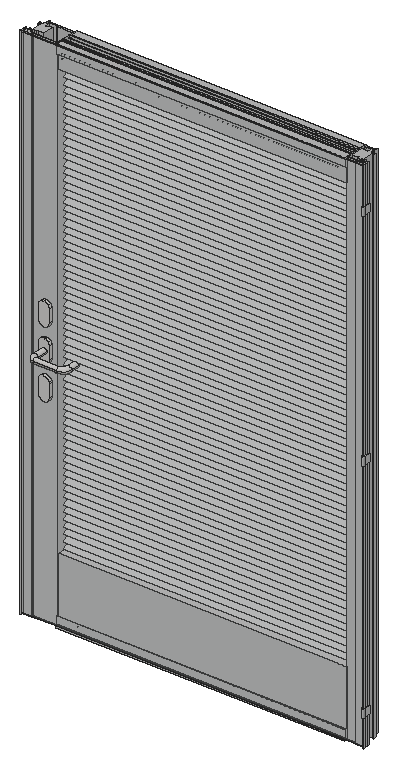
Revit family "Doors_Swing_Avanti_Systems_Movare-Swing-Door", category Doors, Revit 2015 (continued)
Automatic sketch dimensions
  curve 64 to curve 64 = 0' - 0.36"
  curve 72 to curve 71 = 0' - 0.36"
  curve 109 to curve 101 = 0' - 2.39236"
  curve 110 to curve 108 = 0' - 2.39236"
  curve 105 to curve 106 = 0' - 0"
  curve 100 to curve 88 = 0' - 4.72"
  curve 107 to curve 96 = 0' - 4.72"
  curve 93 to curve 94 = 0' - 0"
  curve 97 to curve 99 = 0' - 2.39236"
  curve 108 to curve 96 = 0' - 0"
  curve 107 to curve 107 = 0' - 3.54478"
  curve 95 to curve 95 = 0' - 3.54478"
  curve 94 to curve 92 = 0' - 1.5278"
  curve 106 to curve 105 = 0' - 1.5278"
  curve 104 to curve 110 = 0' - 1.37943"
  curve 92 to curve 98 = 0' - 1.37943"
  curve 110 to curve 111 = 0' - 0.3937"
  curve 98 to curve 99 = 0' - 0.3937"
  curve 109 to curve 103 = 0' - 1.37795"
  curve 97 to curve 91 = 0' - 1.37795"
  curve 103 to curve 101 = 0' - 1.51919"
  curve 91 to curve 90 = 0' - 1.51919"
  curve 89 to curve 89 = 0' - 3.54478"
  curve 101 to curve 101 = 0' - 3.54478"
  curve 103 to curve 103 = 0' - 0.36"
  curve 104 to curve 105 = 0' - 0.36"
  curve 107 to curve 108 = 0' - 0.36"
  curve 106 to curve 106 = 0' - 0.36"
  curve 101 to curve 102 = 0' - 0.36"
  curve 100 to curve 100 = 0' - 0.36"
  curve 94 to curve 94 = 0' - 0.36"
  curve 90 to curve 89 = 0' - 0.36"
  curve 91 to curve 91 = 0' - 0.36"
  curve 93 to curve 92 = 0' - 0.36"
  curve 88 to curve 88 = 0' - 0.36"
  curve 96 to curve 95 = 0' - 0.36"
  curve 113 to plane 10 "Glass Interior" = 0' - 0"
  curve 112 to plane 9 "Glass Exterior" = 0' - 0"
  plane 10 "Glass Interior" to curve 115 = 0' - 0 1/4"
  curve 114 to plane 9 "Glass Exterior" = 0' - 0 1/4"
  plane 15 to Sweep 8 sketch curve = 0' - 1.42332"
  level to Sweep 3 sketch curve = 0' - 0.82592"
  Sweep 10 sketch curve to Sweep 10 sketch curve = 0' - 0.27934"
  plane 10 "Glass Interior" to Sweep 10 sketch curve = 0' - 1.19178"
  Sweep 6 sketch curve to Sweep 6 sketch curve = 0' - 0.27934"
  plane 10 "Glass Interior" to Sweep 7 sketch curve = 0' - 1.19178"
  Sweep 4 sketch curve to Sweep 4 sketch curve = 0' - 0.24442"
  Sweep 3 sketch curve to Sweep 3 sketch curve = 0' - 0.14277"
  Sweep 3 sketch curve to Sweep 3 sketch curve = 0' - 0.24442"
  curve 60 to plane 9 "Glass Exterior" = 0' - 0"
Nested families (in)
  nested 1: "Blinds" at (1.22286, 0.72805, 43.67144) x (1, 0, 0) z (0, -1, 0), visible <- "Blinds", type "Blinds"
  nested 2: "Handle" at (-22.12038, 2.00202, 38), type "Handle", detail levels medium+fine
    with Locker yes
  nested 3: "Handle" at (-22.12038, -1.99798, 38), type "Handle", detail levels medium+fine
    with Locker yes
  nested 4: "Handle" at (-22.12038, 2.00202, 38), type "Handle", not visible, detail levels medium+fine
    with Locker yes
  nested 5: "Handle" at (-22.12038, -1.99798, 38), type "Handle", not visible, detail levels medium+fine
    with Locker yes
  nested 6: "Hinge" at (26.04191, -1.22889, 5.78643), type "Hinge"
  nested 7: "Hinge" at (26.24132, -1.22889, 40) x (-1, 0, 0) z (0, 0, 1), type "Hinge"
  nested 8: "Hinge" at (26.04191, -1.22889, 73.89313), type "Hinge"
  nested 9: "Connection with panel detail" at (23.14391, 1.75202, 0), type "Connection with panel detail"
  nested 10: "Closing frame detail" at (-20.69706, -1.97942, 0) x (-1, 0, 0) z (0, 0, 1), type "Closing frame detail"
  nested 11: "Top detail" at (0, 0.00202, 80) x (0, -1, 0) z (1, 0, 0), type "Top detail"
  nested 12: "Bottom detail" at (0, 0.00202, 0) x (0, 1, 0) z (1, 0, 0), type "Bottom detail"
  nested 13: "Head/bottom" at (0, 0.01187, 3.33998) x (0, -1, 0) z (1, 0, 0), visible <- "Non Flush Seal", type "Head/bottom"
  nested 14: "Head/bottom" at (0, 0.01187, 77.48594) x (0, -1, 0) z (1, 0, 0), visible <- "Non Flush Seal", type "Head/bottom"
  nested 15: "Head/bottom extented" at (0, 0.00202, 3.33998) x (0, -1, 0) z (1, 0, 0), visible <- "Flush Seal", type "Head/bottom extented"
  nested 16: "Head/bottom extented" at (0, 0.00202, 77.48594) x (0, -1, 0) z (1, 0, 0), visible <- "Flush Seal", type "Head/bottom extented"
  nested 17: "Arrow" at (0, 0.00202, 46.92019) x (1, 0, 0) z (0, 1, 0), type "Arrow"
  nested 18: "Arrow" at (0, 5.00202, 0), type "Arrow"
Definition of nested family "Blinds"
  Parameters (values of type "Blinds")
    Width = 3' - 7 215/256"
    Height = 5' - 5 17/32"
    Default Elevation = 4' - 0"
    Blinds material = none
  Reference planes (in)
    plane 1 "Center (Front/Back)": y = 0
    plane 2: z = 0
    plane 3 "Center (Left/Right)": x = 0
    plane 4: y = 32.76563
    plane 5: y = -32.76562
  Forms (in)
    Sweep 1, solid, material <- "Blinds material"
      path origin (0, 17.04325, 0) x (1, 0, 0) y (0, 1, 0)
        loop
          line (-21.91992, 15.72238) -> (21.91992, 15.72238)
      profile origin (0, 32.76563, 0) x (0, 1, 0) y (0, 0, 1)
        loop
          line (-0.53392, 1.375) -> (0, 0)
          arc (0, 0) -> (-0.1282, 0.74138) -> (-0.53392, 1.375) r 1.90149
    Sweep 2, solid, material <- "Blinds material"
      path origin (0, 16.04329, 0) x (1, 0, 0) y (0, 1, 0)
        loop
          line (-21.91992, 15.72238) -> (21.91992, 15.72238)
      profile origin (0, 31.76567, 0) x (0, 1, 0) y (0, 0, 1)
        loop
          line (-0.53392, 1.375) -> (0, 0)
          arc (0, 0) -> (-0.1282, 0.74138) -> (-0.53392, 1.375) r 1.90149
    Sweep 3, solid, material <- "Blinds material"
      path origin (0, 15.04333, 0) x (1, 0, 0) y (0, 1, 0)
        loop
          line (-21.91992, 15.72238) -> (21.91992, 15.72238)
      profile origin (0, 30.76571, 0) x (0, 1, 0) y (0, 0, 1)
        loop
          line (-0.53392, 1.375) -> (0, 0)
          arc (0, 0) -> (-0.1282, 0.74138) -> (-0.53392, 1.375) r 1.90149
    Sweep 4, solid, material <- "Blinds material"
      path origin (0, 14.04337, 0) x (1, 0, 0) y (0, 1, 0)
        loop
          line (-21.91992, 15.72238) -> (21.91992, 15.72238)
      profile origin (0, 29.76575, 0) x (0, 1, 0) y (0, 0, 1)
        loop
          line (-0.53392, 1.375) -> (0, 0)
          arc (0, 0) -> (-0.1282, 0.74138) -> (-0.53392, 1.375) r 1.90149
    Sweep 5, solid, material <- "Blinds material"
      path origin (0, 13.04341, 0) x (1, 0, 0) y (0, 1, 0)
        loop
          line (-21.91992, 15.72238) -> (21.91992, 15.72238)
      profile origin (0, 28.76579, 0) x (0, 1, 0) y (0, 0, 1)
        loop
          line (-0.53392, 1.375) -> (0, 0)
          arc (0, 0) -> (-0.1282, 0.74138) -> (-0.53392, 1.375) r 1.90149
    Sweep 6, solid, material <- "Blinds material"
      path origin (0, 12.04345, 0) x (1, 0, 0) y (0, 1, 0)
        loop
          line (-21.91992, 15.72238) -> (21.91992, 15.72238)
      profile origin (0, 27.76583, 0) x (0, 1, 0) y (0, 0, 1)
        loop
          line (-0.53392, 1.375) -> (0, 0)
          arc (0, 0) -> (-0.1282, 0.74138) -> (-0.53392, 1.375) r 1.90149
    Sweep 7, solid, material <- "Blinds material"
      path origin (0, 11.04349, 0) x (1, 0, 0) y (0, 1, 0)
        loop
          line (-21.91992, 15.72238) -> (21.91992, 15.72238)
      profile origin (0, 26.76587, 0) x (0, 1, 0) y (0, 0, 1)
        loop
          line (-0.53392, 1.375) -> (0, 0)
          arc (0, 0) -> (-0.1282, 0.74138) -> (-0.53392, 1.375) r 1.90149
    Sweep 8, solid, material <- "Blinds material"
      path origin (0, 10.04354, 0) x (1, 0, 0) y (0, 1, 0)
        loop
          line (-21.91992, 15.72238) -> (21.91992, 15.72238)
      profile origin (0, 25.76591, 0) x (0, 1, 0) y (0, 0, 1)
        loop
          line (-0.53392, 1.375) -> (0, 0)
          arc (0, 0) -> (-0.1282, 0.74138) -> (-0.53392, 1.375) r 1.90149
    Sweep 9, solid, material <- "Blinds material"
      path origin (0, 9.04358, 0) x (1, 0, 0) y (0, 1, 0)
        loop
          line (-21.91992, 15.72238) -> (21.91992, 15.72238)
      profile origin (0, 24.76595, 0) x (0, 1, 0) y (0, 0, 1)
        loop
          line (-0.53392, 1.375) -> (0, 0)
          arc (0, 0) -> (-0.1282, 0.74138) -> (-0.53392, 1.375) r 1.90149
    Sweep 10, solid, material <- "Blinds material"
      path origin (0, 8.04362, 0) x (1, 0, 0) y (0, 1, 0)
        loop
          line (-21.91992, 15.72238) -> (21.91992, 15.72238)
      profile origin (0, 23.76599, 0) x (0, 1, 0) y (0, 0, 1)
        loop
          line (-0.53392, 1.375) -> (0, 0)
          arc (0, 0) -> (-0.1282, 0.74138) -> (-0.53392, 1.375) r 1.90149
    Sweep 11, solid, material <- "Blinds material"
      path origin (0, 7.04366, 0) x (1, 0, 0) y (0, 1, 0)
        loop
          line (-21.91992, 15.72238) -> (21.91992, 15.72238)
      profile origin (0, 22.76604, 0) x (0, 1, 0) y (0, 0, 1)
        loop
          line (-0.53392, 1.375) -> (0, 0)
          arc (0, 0) -> (-0.1282, 0.74138) -> (-0.53392, 1.375) r 1.90149
    Sweep 12, solid, material <- "Blinds material"
      path origin (0, 6.0437, 0) x (1, 0, 0) y (0, 1, 0)
        loop
          line (-21.91992, 15.72238) -> (21.91992, 15.72238)
      profile origin (0, 21.76608, 0) x (0, 1, 0) y (0, 0, 1)
        loop
          line (-0.53392, 1.375) -> (0, 0)
          arc (0, 0) -> (-0.1282, 0.74138) -> (-0.53392, 1.375) r 1.90149
    Sweep 13, solid, material <- "Blinds material"
      path origin (0, 5.04374, 0) x (1, 0, 0) y (0, 1, 0)
        loop
          line (-21.91992, 15.72238) -> (21.91992, 15.72238)
      profile origin (0, 20.76612, 0) x (0, 1, 0) y (0, 0, 1)
        loop
          line (-0.53392, 1.375) -> (0, 0)
          arc (0, 0) -> (-0.1282, 0.74138) -> (-0.53392, 1.375) r 1.90149
    Sweep 14, solid, material <- "Blinds material"
      path origin (0, 4.04378, 0) x (1, 0, 0) y (0, 1, 0)
        loop
          line (-21.91992, 15.72238) -> (21.91992, 15.72238)
      profile origin (0, 19.76616, 0) x (0, 1, 0) y (0, 0, 1)
        loop
          line (-0.53392, 1.375) -> (0, 0)
          arc (0, 0) -> (-0.1282, 0.74138) -> (-0.53392, 1.375) r 1.90149
    Sweep 15, solid, material <- "Blinds material"
      path origin (0, 3.04382, 0) x (1, 0, 0) y (0, 1, 0)
        loop
          line (-21.91992, 15.72238) -> (21.91992, 15.72238)
      profile origin (0, 18.7662, 0) x (0, 1, 0) y (0, 0, 1)
        loop
          line (-0.53392, 1.375) -> (0, 0)
          arc (0, 0) -> (-0.1282, 0.74138) -> (-0.53392, 1.375) r 1.90149
    Sweep 16, solid, material <- "Blinds material"
      path origin (0, 2.04386, 0) x (1, 0, 0) y (0, 1, 0)
        loop
          line (-21.91992, 15.72238) -> (21.91992, 15.72238)
      profile origin (0, 17.76624, 0) x (0, 1, 0) y (0, 0, 1)
        loop
          line (-0.53392, 1.375) -> (0, 0)
          arc (0, 0) -> (-0.1282, 0.74138) -> (-0.53392, 1.375) r 1.90149
    Sweep 17, solid, material <- "Blinds material"
      path origin (0, 1.0439, 0) x (1, 0, 0) y (0, 1, 0)
        loop
          line (-21.91992, 15.72238) -> (21.91992, 15.72238)
      profile origin (0, 16.76628, 0) x (0, 1, 0) y (0, 0, 1)
        loop
          line (-0.53392, 1.375) -> (0, 0)
          arc (0, 0) -> (-0.1282, 0.74138) -> (-0.53392, 1.375) r 1.90149
    Sweep 18, solid, material <- "Blinds material"
      path origin (0, 0.04395, 0) x (1, 0, 0) y (0, 1, 0)
        loop
          line (-21.91992, 15.72238) -> (21.91992, 15.72238)
      profile origin (0, 15.76632, 0) x (0, 1, 0) y (0, 0, 1)
        loop
          line (-0.53392, 1.375) -> (0, 0)
          arc (0, 0) -> (-0.1282, 0.74138) -> (-0.53392, 1.375) r 1.90149
    Sweep 19, solid, material <- "Blinds material"
      path origin (0, -0.95601, 0) x (1, 0, 0) y (0, 1, 0)
        loop
          line (-21.91992, 15.72238) -> (21.91992, 15.72238)
      profile origin (0, 14.76636, 0) x (0, 1, 0) y (0, 0, 1)
        loop
          line (-0.53392, 1.375) -> (0, 0)
          arc (0, 0) -> (-0.1282, 0.74138) -> (-0.53392, 1.375) r 1.90149
    Sweep 20, solid, material <- "Blinds material"
      path origin (0, -1.95597, 0) x (1, 0, 0) y (0, 1, 0)
        loop
          line (-21.91992, 15.72238) -> (21.91992, 15.72238)
      profile origin (0, 13.7664, 0) x (0, 1, 0) y (0, 0, 1)
        loop
          line (-0.53392, 1.375) -> (0, 0)
          arc (0, 0) -> (-0.1282, 0.74138) -> (-0.53392, 1.375) r 1.90149
    Sweep 21, solid, material <- "Blinds material"
      path origin (0, -2.95593, 0) x (1, 0, 0) y (0, 1, 0)
        loop
          line (-21.91992, 15.72238) -> (21.91992, 15.72238)
      profile origin (0, 12.76645, 0) x (0, 1, 0) y (0, 0, 1)
        loop
          line (-0.53392, 1.375) -> (0, 0)
          arc (0, 0) -> (-0.1282, 0.74138) -> (-0.53392, 1.375) r 1.90149
    Sweep 22, solid, material <- "Blinds material"
      path origin (0, -3.95589, 0) x (1, 0, 0) y (0, 1, 0)
        loop
          line (-21.91992, 15.72238) -> (21.91992, 15.72238)
      profile origin (0, 11.76649, 0) x (0, 1, 0) y (0, 0, 1)
        loop
          line (-0.53392, 1.375) -> (0, 0)
          arc (0, 0) -> (-0.1282, 0.74138) -> (-0.53392, 1.375) r 1.90149
    Sweep 23, solid, material <- "Blinds material"
      path origin (0, -4.95585, 0) x (1, 0, 0) y (0, 1, 0)
        loop
          line (-21.91992, 15.72238) -> (21.91992, 15.72238)
      profile origin (0, 10.76653, 0) x (0, 1, 0) y (0, 0, 1)
        loop
          line (-0.53392, 1.375) -> (0, 0)
          arc (0, 0) -> (-0.1282, 0.74138) -> (-0.53392, 1.375) r 1.90149
    Sweep 24, solid, material <- "Blinds material"
      path origin (0, -5.95581, 0) x (1, 0, 0) y (0, 1, 0)
        loop
          line (-21.91992, 15.72238) -> (21.91992, 15.72238)
      profile origin (0, 9.76657, 0) x (0, 1, 0) y (0, 0, 1)
        loop
          line (-0.53392, 1.375) -> (0, 0)
          arc (0, 0) -> (-0.1282, 0.74138) -> (-0.53392, 1.375) r 1.90149
    Sweep 25, solid, material <- "Blinds material"
      path origin (0, -6.95577, 0) x (1, 0, 0) y (0, 1, 0)
        loop
          line (-21.91992, 15.72238) -> (21.91992, 15.72238)
      profile origin (0, 8.76661, 0) x (0, 1, 0) y (0, 0, 1)
        loop
          line (-0.53392, 1.375) -> (0, 0)
          arc (0, 0) -> (-0.1282, 0.74138) -> (-0.53392, 1.375) r 1.90149
    Sweep 26, solid, material <- "Blinds material"
      path origin (0, -7.95573, 0) x (1, 0, 0) y (0, 1, 0)
        loop
          line (-21.91992, 15.72238) -> (21.91992, 15.72238)
      profile origin (0, 7.76665, 0) x (0, 1, 0) y (0, 0, 1)
        loop
          line (-0.53392, 1.375) -> (0, 0)
          arc (0, 0) -> (-0.1282, 0.74138) -> (-0.53392, 1.375) r 1.90149
    Sweep 27, solid, material <- "Blinds material"
      path origin (0, -8.95568, 0) x (1, 0, 0) y (0, 1, 0)
        loop
          line (-21.91992, 15.72238) -> (21.91992, 15.72238)
      profile origin (0, 6.76669, 0) x (0, 1, 0) y (0, 0, 1)
        loop
          line (-0.53392, 1.375) -> (0, 0)
          arc (0, 0) -> (-0.1282, 0.74138) -> (-0.53392, 1.375) r 1.90149
    Sweep 28, solid, material <- "Blinds material"
      path origin (0, -9.95564, 0) x (1, 0, 0) y (0, 1, 0)
        loop
          line (-21.91992, 15.72238) -> (21.91992, 15.72238)
      profile origin (0, 5.76673, 0) x (0, 1, 0) y (0, 0, 1)
        loop
          line (-0.53392, 1.375) -> (0, 0)
          arc (0, 0) -> (-0.1282, 0.74138) -> (-0.53392, 1.375) r 1.90149
    Sweep 29, solid, material <- "Blinds material"
      path origin (0, -10.9556, 0) x (1, 0, 0) y (0, 1, 0)
        loop
          line (-21.91992, 15.72238) -> (21.91992, 15.72238)
      profile origin (0, 4.76677, 0) x (0, 1, 0) y (0, 0, 1)
        loop
          line (-0.53392, 1.375) -> (0, 0)
          arc (0, 0) -> (-0.1282, 0.74138) -> (-0.53392, 1.375) r 1.90149
    Sweep 30, solid, material <- "Blinds material"
      path origin (0, -11.95556, 0) x (1, 0, 0) y (0, 1, 0)
        loop
          line (-21.91992, 15.72238) -> (21.91992, 15.72238)
      profile origin (0, 3.76682, 0) x (0, 1, 0) y (0, 0, 1)
        loop
          line (-0.53392, 1.375) -> (0, 0)
          arc (0, 0) -> (-0.1282, 0.74138) -> (-0.53392, 1.375) r 1.90149
    Sweep 31, solid, material <- "Blinds material"
      path origin (0, -12.95552, 0) x (1, 0, 0) y (0, 1, 0)
        loop
          line (-21.91992, 15.72238) -> (21.91992, 15.72238)
      profile origin (0, 2.76686, 0) x (0, 1, 0) y (0, 0, 1)
        loop
          line (-0.53392, 1.375) -> (0, 0)
          arc (0, 0) -> (-0.1282, 0.74138) -> (-0.53392, 1.375) r 1.90149
    Sweep 32, solid, material <- "Blinds material"
      path origin (0, -13.95548, 0) x (1, 0, 0) y (0, 1, 0)
        loop
          line (-21.91992, 15.72238) -> (21.91992, 15.72238)
      profile origin (0, 1.7669, 0) x (0, 1, 0) y (0, 0, 1)
        loop
          line (-0.53392, 1.375) -> (0, 0)
          arc (0, 0) -> (-0.1282, 0.74138) -> (-0.53392, 1.375) r 1.90149
    Sweep 33, solid, material <- "Blinds material"
      path origin (0, -14.95544, 0) x (1, 0, 0) y (0, 1, 0)
        loop
          line (-21.91992, 15.72238) -> (21.91992, 15.72238)
      profile origin (0, 0.76694, 0) x (0, 1, 0) y (0, 0, 1)
        loop
          line (-0.53392, 1.375) -> (0, 0)
          arc (0, 0) -> (-0.1282, 0.74138) -> (-0.53392, 1.375) r 1.90149
    Sweep 34, solid, material <- "Blinds material"
      path origin (0, -15.9554, 0) x (1, 0, 0) y (0, 1, 0)
        loop
          line (-21.91992, 15.72238) -> (21.91992, 15.72238)
      profile origin (0, -0.23302, 0) x (0, 1, 0) y (0, 0, 1)
        loop
          line (-0.53392, 1.375) -> (0, 0)
          arc (0, 0) -> (-0.1282, 0.74138) -> (-0.53392, 1.375) r 1.90149
    Sweep 35, solid, material <- "Blinds material"
      path origin (0, -16.95536, 0) x (1, 0, 0) y (0, 1, 0)
        loop
          line (-21.91992, 15.72238) -> (21.91992, 15.72238)
      profile origin (0, -1.23298, 0) x (0, 1, 0) y (0, 0, 1)
        loop
          line (-0.53392, 1.375) -> (0, 0)
          arc (0, 0) -> (-0.1282, 0.74138) -> (-0.53392, 1.375) r 1.90149
    Sweep 36, solid, material <- "Blinds material"
      path origin (0, -17.95532, 0) x (1, 0, 0) y (0, 1, 0)
        loop
          line (-21.91992, 15.72238) -> (21.91992, 15.72238)
      profile origin (0, -2.23294, 0) x (0, 1, 0) y (0, 0, 1)
        loop
          line (-0.53392, 1.375) -> (0, 0)
          arc (0, 0) -> (-0.1282, 0.74138) -> (-0.53392, 1.375) r 1.90149
    Sweep 37, solid, material <- "Blinds material"
      path origin (0, -18.95527, 0) x (1, 0, 0) y (0, 1, 0)
        loop
          line (-21.91992, 15.72238) -> (21.91992, 15.72238)
      profile origin (0, -3.2329, 0) x (0, 1, 0) y (0, 0, 1)
        loop
          line (-0.53392, 1.375) -> (0, 0)
          arc (0, 0) -> (-0.1282, 0.74138) -> (-0.53392, 1.375) r 1.90149
    Sweep 38, solid, material <- "Blinds material"
      path origin (0, -19.95523, 0) x (1, 0, 0) y (0, 1, 0)
        loop
          line (-21.91992, 15.72238) -> (21.91992, 15.72238)
      profile origin (0, -4.23286, 0) x (0, 1, 0) y (0, 0, 1)
        loop
          line (-0.53392, 1.375) -> (0, 0)
          arc (0, 0) -> (-0.1282, 0.74138) -> (-0.53392, 1.375) r 1.90149
    Sweep 39, solid, material <- "Blinds material"
      path origin (0, -20.95519, 0) x (1, 0, 0) y (0, 1, 0)
        loop
          line (-21.91992, 15.72238) -> (21.91992, 15.72238)
      profile origin (0, -5.23282, 0) x (0, 1, 0) y (0, 0, 1)
        loop
          line (-0.53392, 1.375) -> (0, 0)
          arc (0, 0) -> (-0.1282, 0.74138) -> (-0.53392, 1.375) r 1.90149
    Sweep 40, solid, material <- "Blinds material"
      path origin (0, -21.95515, 0) x (1, 0, 0) y (0, 1, 0)
        loop
          line (-21.91992, 15.72238) -> (21.91992, 15.72238)
      profile origin (0, -6.23277, 0) x (0, 1, 0) y (0, 0, 1)
        loop
          line (-0.53392, 1.375) -> (0, 0)
          arc (0, 0) -> (-0.1282, 0.74138) -> (-0.53392, 1.375) r 1.90149
    Sweep 41, solid, material <- "Blinds material"
      path origin (0, -22.95511, 0) x (1, 0, 0) y (0, 1, 0)
        loop
          line (-21.91992, 15.72238) -> (21.91992, 15.72238)
      profile origin (0, -7.23273, 0) x (0, 1, 0) y (0, 0, 1)
        loop
          line (-0.53392, 1.375) -> (0, 0)
          arc (0, 0) -> (-0.1282, 0.74138) -> (-0.53392, 1.375) r 1.90149
    Sweep 42, solid, material <- "Blinds material"
      path origin (0, -23.95507, 0) x (1, 0, 0) y (0, 1, 0)
        loop
          line (-21.91992, 15.72238) -> (21.91992, 15.72238)
      profile origin (0, -8.23269, 0) x (0, 1, 0) y (0, 0, 1)
        loop
          line (-0.53392, 1.375) -> (0, 0)
          arc (0, 0) -> (-0.1282, 0.74138) -> (-0.53392, 1.375) r 1.90149
    Sweep 43, solid, material <- "Blinds material"
      path origin (0, -24.95503, 0) x (1, 0, 0) y (0, 1, 0)
        loop
          line (-21.91992, 15.72238) -> (21.91992, 15.72238)
      profile origin (0, -9.23265, 0) x (0, 1, 0) y (0, 0, 1)
        loop
          line (-0.53392, 1.375) -> (0, 0)
          arc (0, 0) -> (-0.1282, 0.74138) -> (-0.53392, 1.375) r 1.90149
    Sweep 44, solid, material <- "Blinds material"
      path origin (0, -25.95499, 0) x (1, 0, 0) y (0, 1, 0)
        loop
          line (-21.91992, 15.72238) -> (21.91992, 15.72238)
      profile origin (0, -10.23261, 0) x (0, 1, 0) y (0, 0, 1)
        loop
          line (-0.53392, 1.375) -> (0, 0)
          arc (0, 0) -> (-0.1282, 0.74138) -> (-0.53392, 1.375) r 1.90149
    Sweep 45, solid, material <- "Blinds material"
      path origin (0, -26.95495, 0) x (1, 0, 0) y (0, 1, 0)
        loop
          line (-21.91992, 15.72238) -> (21.91992, 15.72238)
      profile origin (0, -11.23257, 0) x (0, 1, 0) y (0, 0, 1)
        loop
          line (-0.53392, 1.375) -> (0, 0)
          arc (0, 0) -> (-0.1282, 0.74138) -> (-0.53392, 1.375) r 1.90149
    Sweep 46, solid, material <- "Blinds material"
      path origin (0, -27.9549, 0) x (1, 0, 0) y (0, 1, 0)
        loop
          line (-21.91992, 15.72238) -> (21.91992, 15.72238)
      profile origin (0, -12.23253, 0) x (0, 1, 0) y (0, 0, 1)
        loop
          line (-0.53392, 1.375) -> (0, 0)
          arc (0, 0) -> (-0.1282, 0.74138) -> (-0.53392, 1.375) r 1.90149
    Sweep 47, solid, material <- "Blinds material"
      path origin (0, -28.95486, 0) x (1, 0, 0) y (0, 1, 0)
        loop
          line (-21.91992, 15.72238) -> (21.91992, 15.72238)
      profile origin (0, -13.23249, 0) x (0, 1, 0) y (0, 0, 1)
        loop
          line (-0.53392, 1.375) -> (0, 0)
          arc (0, 0) -> (-0.1282, 0.74138) -> (-0.53392, 1.375) r 1.90149
    Sweep 48, solid, material <- "Blinds material"
      path origin (0, -29.95482, 0) x (1, 0, 0) y (0, 1, 0)
        loop
          line (-21.91992, 15.72238) -> (21.91992, 15.72238)
      profile origin (0, -14.23245, 0) x (0, 1, 0) y (0, 0, 1)
        loop
          line (-0.53392, 1.375) -> (0, 0)
          arc (0, 0) -> (-0.1282, 0.74138) -> (-0.53392, 1.375) r 1.90149
    Sweep 49, solid, material <- "Blinds material"
      path origin (0, -30.95478, 0) x (1, 0, 0) y (0, 1, 0)
        loop
          line (-21.91992, 15.72238) -> (21.91992, 15.72238)
      profile origin (0, -15.2324, 0) x (0, 1, 0) y (0, 0, 1)
        loop
          line (-0.53392, 1.375) -> (0, 0)
          arc (0, 0) -> (-0.1282, 0.74138) -> (-0.53392, 1.375) r 1.90149
    Sweep 50, solid, material <- "Blinds material"
      path origin (0, -31.95474, 0) x (1, 0, 0) y (0, 1, 0)
        loop
          line (-21.91992, 15.72238) -> (21.91992, 15.72238)
      profile origin (0, -16.23236, 0) x (0, 1, 0) y (0, 0, 1)
        loop
          line (-0.53392, 1.375) -> (0, 0)
          arc (0, 0) -> (-0.1282, 0.74138) -> (-0.53392, 1.375) r 1.90149
    Sweep 51, solid, material <- "Blinds material"
      path origin (0, -32.9547, 0) x (1, 0, 0) y (0, 1, 0)
        loop
          line (-21.91992, 15.72238) -> (21.91992, 15.72238)
      profile origin (0, -17.23232, 0) x (0, 1, 0) y (0, 0, 1)
        loop
          line (-0.53392, 1.375) -> (0, 0)
          arc (0, 0) -> (-0.1282, 0.74138) -> (-0.53392, 1.375) r 1.90149
    Sweep 52, solid, material <- "Blinds material"
      path origin (0, -33.95466, 0) x (1, 0, 0) y (0, 1, 0)
        loop
          line (-21.91992, 15.72238) -> (21.91992, 15.72238)
      profile origin (0, -18.23228, 0) x (0, 1, 0) y (0, 0, 1)
        loop
          line (-0.53392, 1.375) -> (0, 0)
          arc (0, 0) -> (-0.1282, 0.74138) -> (-0.53392, 1.375) r 1.90149
    Sweep 53, solid, material <- "Blinds material"
      path origin (0, -34.95462, 0) x (1, 0, 0) y (0, 1, 0)
        loop
          line (-21.91992, 15.72238) -> (21.91992, 15.72238)
      profile origin (0, -19.23224, 0) x (0, 1, 0) y (0, 0, 1)
        loop
          line (-0.53392, 1.375) -> (0, 0)
          arc (0, 0) -> (-0.1282, 0.74138) -> (-0.53392, 1.375) r 1.90149
    Sweep 54, solid, material <- "Blinds material"
      path origin (0, -35.95458, 0) x (1, 0, 0) y (0, 1, 0)
        loop
          line (-21.91992, 15.72238) -> (21.91992, 15.72238)
      profile origin (0, -20.2322, 0) x (0, 1, 0) y (0, 0, 1)
        loop
          line (-0.53392, 1.375) -> (0, 0)
          arc (0, 0) -> (-0.1282, 0.74138) -> (-0.53392, 1.375) r 1.90149
    Sweep 55, solid, material <- "Blinds material"
      path origin (0, -36.95454, 0) x (1, 0, 0) y (0, 1, 0)
        loop
          line (-21.91992, 15.72238) -> (21.91992, 15.72238)
      profile origin (0, -21.23216, 0) x (0, 1, 0) y (0, 0, 1)
        loop
          line (-0.53392, 1.375) -> (0, 0)
          arc (0, 0) -> (-0.1282, 0.74138) -> (-0.53392, 1.375) r 1.90149
    Sweep 56, solid, material <- "Blinds material"
      path origin (0, -37.95449, 0) x (1, 0, 0) y (0, 1, 0)
        loop
          line (-21.91992, 15.72238) -> (21.91992, 15.72238)
      profile origin (0, -22.23212, 0) x (0, 1, 0) y (0, 0, 1)
        loop
          line (-0.53392, 1.375) -> (0, 0)
          arc (0, 0) -> (-0.1282, 0.74138) -> (-0.53392, 1.375) r 1.90149
    Sweep 57, solid, material <- "Blinds material"
      path origin (0, -38.95445, 0) x (1, 0, 0) y (0, 1, 0)
        loop
          line (-21.91992, 15.72238) -> (21.91992, 15.72238)
      profile origin (0, -23.23208, 0) x (0, 1, 0) y (0, 0, 1)
        loop
          line (-0.53392, 1.375) -> (0, 0)
          arc (0, 0) -> (-0.1282, 0.74138) -> (-0.53392, 1.375) r 1.90149
    Sweep 58, solid, material <- "Blinds material"
      path origin (0, -39.95441, 0) x (1, 0, 0) y (0, 1, 0)
        loop
          line (-21.91992, 15.72238) -> (21.91992, 15.72238)
      profile origin (0, -24.23204, 0) x (0, 1, 0) y (0, 0, 1)
        loop
          line (-0.53392, 1.375) -> (0, 0)
          arc (0, 0) -> (-0.1282, 0.74138) -> (-0.53392, 1.375) r 1.90149
    Sweep 59, solid, material <- "Blinds material"
      path origin (0, -40.95437, 0) x (1, 0, 0) y (0, 1, 0)
        loop
          line (-21.91992, 15.72238) -> (21.91992, 15.72238)
      profile origin (0, -25.23199, 0) x (0, 1, 0) y (0, 0, 1)
        loop
          line (-0.53392, 1.375) -> (0, 0)
          arc (0, 0) -> (-0.1282, 0.74138) -> (-0.53392, 1.375) r 1.90149
    Sweep 60, solid, material <- "Blinds material"
      path origin (0, -41.95433, 0) x (1, 0, 0) y (0, 1, 0)
        loop
          line (-21.91992, 15.72238) -> (21.91992, 15.72238)
      profile origin (0, -26.23195, 0) x (0, 1, 0) y (0, 0, 1)
        loop
          line (-0.53392, 1.375) -> (0, 0)
          arc (0, 0) -> (-0.1282, 0.74138) -> (-0.53392, 1.375) r 1.90149
    Sweep 61, solid, material <- "Blinds material"
      path origin (0, -42.95429, 0) x (1, 0, 0) y (0, 1, 0)
        loop
          line (-21.91992, 15.72238) -> (21.91992, 15.72238)
      profile origin (0, -27.23191, 0) x (0, 1, 0) y (0, 0, 1)
        loop
          line (-0.53392, 1.375) -> (0, 0)
          arc (0, 0) -> (-0.1282, 0.74138) -> (-0.53392, 1.375) r 1.90149
    Sweep 62, solid, material <- "Blinds material"
      path origin (0, -43.95425, 0) x (1, 0, 0) y (0, 1, 0)
        loop
          line (-21.91992, 15.72238) -> (21.91992, 15.72238)
      profile origin (0, -28.23187, 0) x (0, 1, 0) y (0, 0, 1)
        loop
          line (-0.53392, 1.375) -> (0, 0)
          arc (0, 0) -> (-0.1282, 0.74138) -> (-0.53392, 1.375) r 1.90149
    Sweep 63, solid, material <- "Blinds material"
      path origin (0, -44.95421, 0) x (1, 0, 0) y (0, 1, 0)
        loop
          line (-21.91992, 15.72238) -> (21.91992, 15.72238)
      profile origin (0, -29.23183, 0) x (0, 1, 0) y (0, 0, 1)
        loop
          line (-0.53392, 1.375) -> (0, 0)
          arc (0, 0) -> (-0.1282, 0.74138) -> (-0.53392, 1.375) r 1.90149
    Sweep 64, solid, material <- "Blinds material"
      path origin (0, -45.95417, 0) x (1, 0, 0) y (0, 1, 0)
        loop
          line (-21.91992, 15.72238) -> (21.91992, 15.72238)
      profile origin (0, -30.23179, 0) x (0, 1, 0) y (0, 0, 1)
        loop
          line (-0.53392, 1.375) -> (0, 0)
          arc (0, 0) -> (-0.1282, 0.74138) -> (-0.53392, 1.375) r 1.90149
    Sweep 65, solid, material <- "Blinds material"
      path origin (0, -46.95412, 0) x (1, 0, 0) y (0, 1, 0)
        loop
          line (-21.91992, 15.72238) -> (21.91992, 15.72238)
      profile origin (0, -31.23175, 0) x (0, 1, 0) y (0, 0, 1)
        loop
          line (-0.53392, 1.375) -> (0, 0)
          arc (0, 0) -> (-0.1282, 0.74138) -> (-0.53392, 1.375) r 1.90149
    Sweep 66, solid, material <- "Blinds material"
      path origin (0, -47.95408, 0) x (1, 0, 0) y (0, 1, 0)
        loop
          line (-21.91992, 15.72238) -> (21.91992, 15.72238)
      profile origin (0, -32.23171, 0) x (0, 1, 0) y (0, 0, 1)
        loop
          line (-0.53392, 1.375) -> (0, 0)
          arc (0, 0) -> (-0.1282, 0.74138) -> (-0.53392, 1.375) r 1.90149
  Dimensions and locks (in)
    "Width": Sweep 1 sketch curve to Sweep 1 sketch curve
    "Width": Sweep 2 sketch curve to Sweep 2 sketch curve
    equal spacing: group 1, group 2, group 3, group 4, group 5, group 6, group 7, group 8, group 9, group 10, group 11, group 12, group 13, group 14, group 15, group 16, group 17, group 18, group 19, group 20, group 21, group 22, group 23, group 24, group 25, group 26, group 27, group 28, group 29, group 30, group 31, group 32, group 33, group 34, group 35, group 36, group 37, group 38, group 39, group 40, group 41, group 42, group 43, group 44, group 45, group 46, group 47, group 48, group 49, group 50, group 51, group 52, group 53, group 54, group 55, group 56, group 57, group 58, group 59, group 60, group 61, group 62, group 63, group 64, group 65, group 66  (x2)
    equal spacing: group 66, group 65, group 64, group 63, group 62, group 61, group 60, group 59, group 58, group 57, group 56, group 55, group 54, group 53, group 52, group 51, group 50, group 49, group 48, group 47, group 46, group 45, group 44, group 43, group 42, group 41, group 40, group 39, group 38, group 37, group 36, group 35, group 34, group 33, group 32, group 31, group 30, group 29, group 28, group 27, group 26, group 25, group 24, group 23, group 22, group 21, group 20, group 19, group 18, group 17, group 16, group 15, group 14, group 13, group 12, group 11, group 10, group 9, group 8, group 7, group 6, group 5, group 4, group 3, group 2, group 1
    "Width": Sweep 3 sketch curve to Sweep 3 sketch curve
    "Width": Sweep 4 sketch curve to Sweep 4 sketch curve
    "Width": Sweep 5 sketch curve to Sweep 5 sketch curve
    "Width": Sweep 6 sketch curve to Sweep 6 sketch curve
    "Width": Sweep 7 sketch curve to Sweep 7 sketch curve
    "Width": Sweep 8 sketch curve to Sweep 8 sketch curve
    "Width": Sweep 9 sketch curve to Sweep 9 sketch curve
    "Width": Sweep 10 sketch curve to Sweep 10 sketch curve
    "Width": Sweep 11 sketch curve to Sweep 11 sketch curve
    "Width": Sweep 12 sketch curve to Sweep 12 sketch curve
    "Width": Sweep 13 sketch curve to Sweep 13 sketch curve
    "Width": Sweep 14 sketch curve to Sweep 14 sketch curve
    "Width": Sweep 15 sketch curve to Sweep 15 sketch curve
    "Width": Sweep 16 sketch curve to Sweep 16 sketch curve
    "Width": Sweep 17 sketch curve to Sweep 17 sketch curve
    "Width": Sweep 18 sketch curve to Sweep 18 sketch curve
    "Width": Sweep 19 sketch curve to Sweep 19 sketch curve
    "Width": Sweep 20 sketch curve to Sweep 20 sketch curve
    "Width": Sweep 21 sketch curve to Sweep 21 sketch curve
    "Width": Sweep 22 sketch curve to Sweep 22 sketch curve
    "Width": Sweep 23 sketch curve to Sweep 23 sketch curve
    "Width": Sweep 24 sketch curve to Sweep 24 sketch curve
    "Width": Sweep 25 sketch curve to Sweep 25 sketch curve
    "Width": Sweep 26 sketch curve to Sweep 26 sketch curve
    "Width": Sweep 27 sketch curve to Sweep 27 sketch curve
    "Width": Sweep 28 sketch curve to Sweep 28 sketch curve
    "Width": Sweep 29 sketch curve to Sweep 29 sketch curve
    "Width": Sweep 30 sketch curve to Sweep 30 sketch curve
    "Width": Sweep 31 sketch curve to Sweep 31 sketch curve
    "Width": Sweep 32 sketch curve to Sweep 32 sketch curve
    "Width": Sweep 33 sketch curve to Sweep 33 sketch curve
    "Width": Sweep 34 sketch curve to Sweep 34 sketch curve
    "Width": Sweep 35 sketch curve to Sweep 35 sketch curve
    "Width": Sweep 36 sketch curve to Sweep 36 sketch curve
    "Width": Sweep 37 sketch curve to Sweep 37 sketch curve
    "Width": Sweep 38 sketch curve to Sweep 38 sketch curve
    "Width": Sweep 39 sketch curve to Sweep 39 sketch curve
    "Width": Sweep 40 sketch curve to Sweep 40 sketch curve
    "Width": Sweep 41 sketch curve to Sweep 41 sketch curve
    "Width": Sweep 42 sketch curve to Sweep 42 sketch curve
    "Width": Sweep 43 sketch curve to Sweep 43 sketch curve
    "Width": Sweep 44 sketch curve to Sweep 44 sketch curve
    "Width": Sweep 45 sketch curve to Sweep 45 sketch curve
    "Width": Sweep 46 sketch curve to Sweep 46 sketch curve
    "Width": Sweep 47 sketch curve to Sweep 47 sketch curve
    "Width": Sweep 48 sketch curve to Sweep 48 sketch curve
    "Width": Sweep 49 sketch curve to Sweep 49 sketch curve
    "Width": Sweep 50 sketch curve to Sweep 50 sketch curve
    "Width": Sweep 51 sketch curve to Sweep 51 sketch curve
    "Width": Sweep 52 sketch curve to Sweep 52 sketch curve
    "Width": Sweep 53 sketch curve to Sweep 53 sketch curve
    "Width": Sweep 54 sketch curve to Sweep 54 sketch curve
    "Width": Sweep 55 sketch curve to Sweep 55 sketch curve
    "Width": Sweep 56 sketch curve to Sweep 56 sketch curve
    "Width": Sweep 57 sketch curve to Sweep 57 sketch curve
    "Width": Sweep 58 sketch curve to Sweep 58 sketch curve
    "Width": Sweep 59 sketch curve to Sweep 59 sketch curve
    "Width": Sweep 60 sketch curve to Sweep 60 sketch curve
    "Width": Sweep 61 sketch curve to Sweep 61 sketch curve
    "Width": Sweep 62 sketch curve to Sweep 62 sketch curve
    "Width": Sweep 63 sketch curve to Sweep 63 sketch curve
    "Width": Sweep 64 sketch curve to Sweep 64 sketch curve
    "Width": Sweep 65 sketch curve to Sweep 65 sketch curve
    "Width": Sweep 66 sketch curve to Sweep 66 sketch curve
    "Height": plane 4 to plane 5
    equal spacing: plane 4, plane 1 "Center (Front/Back)", plane 5
    aligned and locked: level to plane 2
    aligned and locked: Sweep 1 to plane 4
    aligned and locked: plane 5 to Sweep 66
Definition of nested family "Handle"
  Parameters (values of type "Handle")
    Locker [instance] = yes
    Handle material = none
  Reference planes (in)
    plane 1 "Center (Front/Back)": y = 0
    plane 2: z = 0
    plane 3 "Center (Left/Right)": x = 0
  Forms (in)
    Extrusion 1, solid, material <- "Handle material"
      sketch origin (0, 0, 0) x (1, 0, 0) y (0, 0, 1)
        loop
          arc (0.82036, 6.01526) -> (0, 6.83563) -> (-0.82036, 6.01526) r 0.82036
          line (-0.82036, 6.01526) -> (-0.82036, 4.11121)
          arc (-0.82036, 4.11121) -> (0, 3.29085) -> (0.82036, 4.11121) r 0.82036
          line (0.82036, 4.11121) -> (0.82036, 6.01526)
        loop
          arc (0.82036, 0.95129) -> (0, 1.77165) -> (-0.82036, 0.95129) r 0.82036
          line (-0.82036, 0.95129) -> (-0.82036, -0.95276)
          arc (-0.82036, -0.95276) -> (0, -1.77313) -> (0.82036, -0.95276) r 0.82036
          line (0.82036, -0.95276) -> (0.82036, 0.95129)
      from -0.36 to 0
    Sweep 2, solid, material <- "Handle material"
      path origin (0, 0, 0) x (1, 0, 0) y (0, 1, 0)
        loop
          line (0.00372, 0.36) -> (0.00372, 2.13165)
          arc (0.00372, 2.13165) -> (0.19244, 2.58727) -> (0.64805, 2.77599) r 0.64433
          line (0.64805, 2.77599) -> (4.19136, 2.77599)
          arc (4.19136, 2.77599) -> (4.78191, 2.53137) -> (5.02652, 1.94082) r 0.83517
          line (5.02652, 1.94082) -> (5.02652, 0.63757)
      profile origin (0.00372, 1.24583, 0) x (-1, 0, 0) y (0, 0, 1)
        loop
          circle (0, 0) r 0.3937
    Extrusion 3, solid, material <- "Handle material", visible <- "Locker"
      sketch origin (0, 0, 0) x (1, 0, 0) y (0, 0, 1)
        loop
          arc (0.82009, -4.11958) -> (-0.00199, -3.30093) -> (-0.82063, -4.12301) r 0.82036
          line (-0.82063, -4.12301) -> (-0.81665, -6.02706)
          arc (-0.81665, -6.02706) -> (0.00543, -6.84571) -> (0.82408, -6.02363) r 0.82036
          line (0.82408, -6.02363) -> (0.82009, -4.11958)
      from -0.36 to 0
  Dimensions and locks (in)
    aligned and locked: level to plane 2
    aligned and locked: Extrusion 1 to Sweep 2
    aligned and locked: Extrusion 3 to Extrusion 1
    aligned and locked: plane 1 "Center (Front/Back)" to Extrusion 3
Definition of nested family "Hinge"
  Parameters (values of type "Hinge")
    Frame Material = none
  Reference planes (in)
    plane 1 "Center (Front/Back)": y = 0
    plane 2: z = 0
    plane 3 "Center (Left/Right)": x = 0
  Forms (in)
    Extrusion 1, solid, material <- "Frame Material"
      sketch origin (25.27168, -5.8521, -0.57764) x (1, 0, 0) y (0, 1, 0)
        loop
          line (-25.27168, 5.8521) -> (-25.27168, 4.93167)
          arc (-25.27168, 4.93167) -> (-25.16919, 4.58964) -> (-25.07226, 4.93328) r 0.18592
          line (-25.07226, 4.93328) -> (-25.07226, 5.8521) -> (-25.27168, 5.8521)
      from 0 to 1.15527
  Lines and regions (in)
    reference lines
      curve 1: line (-0.0737, 0, 0) -> (0.24727, 0, 0)
  Dimensions and locks (in)
    aligned and locked: level to plane 2
Definition of nested family "Connection with panel detail"
  Reference planes (in)
    plane 1 "Center (Front/Back)": y = 0
    plane 2: z = 0
    plane 3 "Center (Left/Right)": x = 0
  Lines and regions (in)
    model lines, in view "Ref. Level"
      curve 1: arc (2.89827, -3.9038, 0) -> (3.0519, -4.23822, 0) -> (2.99925, -3.87398, 0) r 0.18592
      curve 2: circle (2.99925, -4.0599, 0) r 0.10822 normal (0, 0, 1)
      curve 3: circle (2.99925, -4.0599, 0) r 0.09251 normal (0, 0, 1)
      curve 4: circle (2.99925, -4.0599, 0) r 0.09924 normal (0, 0, 1)
      curve 5: arc (2.87756, -3.72944, 0) -> (2.89201, -3.72346, 0) -> (2.898, -3.70901, 0) r 0.02044
      curve 6: arc (2.898, -3.66813, 0) -> (2.89201, -3.65368, 0) -> (2.87756, -3.64769, 0) r 0.02044
      curve 7: arc (2.87756, -2.97891, 0) -> (2.89201, -2.97292, 0) -> (2.898, -2.95847, 0) r 0.02044
      curve 8: arc (2.898, -2.78705, 0) -> (2.89201, -2.7726, 0) -> (2.87756, -2.76661, 0) r 0.02044
      curve 9: arc (2.83569, -2.76661, 0) -> (2.82124, -2.7726, 0) -> (2.81526, -2.78705, 0) r 0.02044
      curve 10: arc (1.69301, -3.04022, 0) -> (1.70498, -3.06912, 0) -> (1.73388, -3.08109, 0) r 0.04087
      curve 11: arc (2.30531, -2.63147, 0) -> (2.29932, -2.61702, 0) -> (2.28487, -2.61103, 0) r 0.02044
      curve 12: arc (2.16225, -2.61103, 0) -> (2.1478, -2.61702, 0) -> (2.14181, -2.63147, 0) r 0.02044
      curve 13: arc (1.5934, -2.55441, 0) -> (1.6512, -2.53047, 0) -> (1.67515, -2.47266, 0) r 0.08175
      curve 14: arc (1.93743, -2.64937, 0) -> (1.93542, -2.64051, 0) -> (1.92976, -2.6334, 0) r 0.02044
      curve 15: arc (0.28632, -2.47266, 0) -> (0.31026, -2.53047, 0) -> (0.36807, -2.55441, 0) r 0.08175
      curve 16: arc (2.18988, -0.87539, 0) -> (1.98284, -0.70727, 0) -> (1.7227, -0.64848, 0) r 0.58524
      curve 17: arc (2.18148, -0.88611, 0) -> (1.97289, -0.73368, 0) -> (1.71899, -0.68591, 0) r 0.58524
      curve 18: arc (2.14811, -0.89787, 0) -> (2.21829, -0.89257, 0) -> (2.17566, -0.83657, 0) r 0.04005
      curve 19: arc (2.28487, -1.20085, 0) -> (2.29932, -1.19486, 0) -> (2.30531, -1.18041, 0) r 0.02044
      curve 20: arc (2.14181, -1.18041, 0) -> (2.1478, -1.19486, 0) -> (2.16225, -1.20085, 0) r 0.02044
      curve 21: arc (1.67515, -0.9975, 0) -> (1.6512, -0.9397, 0) -> (1.5934, -0.91575, 0) r 0.08175
      curve 22: arc (1.7227, -0.64848, 0) -> (1.66377, -0.66154, 0) -> (1.71899, -0.68591, 0) r 0.03176
      curve 23: arc (1.73306, -0.62018, 0) -> (1.64038, -0.64737, 0) -> (1.71036, -0.71395, 0) r 0.05574
      curve 24: arc (1.78916, -0.84162, 0) -> (1.7967, -0.85021, 0) -> (1.80768, -0.85341, 0) r 0.02044
      curve 25: arc (1.90423, -1.18305, 0) -> (1.89858, -1.19016, 0) -> (1.89656, -1.19901, 0) r 0.02044
      curve 26: arc (1.69301, -0.91472, 0) -> (1.68702, -0.90027, 0) -> (1.67257, -0.89428, 0) r 0.02044
      curve 27: arc (1.73467, -0.7249, 0) -> (1.72455, -0.71491, 0) -> (1.71036, -0.71395, 0) r 0.02044
      curve 28: arc (1.76718, -0.6316, 0) -> (1.78163, -0.62562, 0) -> (1.78762, -0.61117, 0) r 0.02044
      curve 29: arc (1.73306, -0.55882, 0) -> (1.73905, -0.57327, 0) -> (1.7535, -0.57926, 0) r 0.02044
      curve 30: arc (1.38009, -0.77166, 0) -> (1.51293, -0.63882, 0) -> (1.38009, -0.50597, 0) r 0.13284
      curve 31: arc (1.54912, -0.42422, 0) -> (1.56357, -0.41824, 0) -> (1.56956, -0.40378, 0) r 0.02044
      curve 32: arc (1.73306, 0.22978, 0) -> (1.72707, 0.24423, 0) -> (1.71262, 0.25022, 0) r 0.02044
      curve 33: arc (1.22212, -0.85341, 0) -> (1.23409, -0.88231, 0) -> (1.263, -0.89428, 0) r 0.04087
      curve 34: arc (1.24256, -0.42422, 0) -> (1.22811, -0.43021, 0) -> (1.22212, -0.44466, 0) r 0.02044
      curve 35: arc (1.22212, -0.4651, 0) -> (1.23409, -0.494, 0) -> (1.263, -0.50597, 0) r 0.04087
      curve 36: arc (1.24256, -0.77166, 0) -> (1.22811, -0.77764, 0) -> (1.22212, -0.7921, 0) r 0.02044
      curve 37: arc (0.36807, -0.91575, 0) -> (0.31026, -0.9397, 0) -> (0.28632, -0.9975, 0) r 0.08175
      curve 38: arc (2.65275, -3.68958, 0) -> (2.66442, -3.71777, 0) -> (2.69261, -3.72944, 0) r 0.03987
      curve 39: arc (1.60943, 0.25022, 0) -> (1.58124, 0.23854, 0) -> (1.56956, 0.21035, 0) r 0.03987
      curve 40: arc (0.22129, -0.20449, 0) -> (0.22928, -0.2238, 0) -> (0.24859, -0.2318, 0) r 0.02731
      curve 41: arc (0.22129, -0.18798, 0) -> (0.21329, -0.16867, 0) -> (0.19398, -0.16068, 0) r 0.02731
      curve 42: arc (0.2759, -0.14988, 0) -> (0.28389, -0.16919, 0) -> (0.3032, -0.17719, 0) r 0.02731
      curve 43: arc (0.2759, -0.13337, 0) -> (0.2679, -0.11406, 0) -> (0.24859, -0.10607, 0) r 0.02731
      curve 44: arc (0.08192, -0.16068, 0) -> (0.06261, -0.16867, 0) -> (0.05461, -0.18798, 0) r 0.02731
      curve 45: arc (0.02731, -0.10607, 0) -> (0.008, -0.11406, 0) -> (0, -0.13337, 0) r 0.02731
      curve 46: arc (0, -3.36462, 0) -> (0.008, -3.38393, 0) -> (0.02731, -3.39193, 0) r 0.02731
      curve 47: arc (0.05461, -3.31001, 0) -> (0.06261, -3.32932, 0) -> (0.08192, -3.33732, 0) r 0.02731
      curve 48: arc (1.27839, -3.33732, 0) -> (1.2977, -3.32932, 0) -> (1.3057, -3.31001, 0) r 0.02731
      curve 49: arc (1.333, -3.39193, 0) -> (1.35231, -3.38393, 0) -> (1.36031, -3.36462, 0) r 0.02731
      curve 50: arc (1.333, -3.25838, 0) -> (1.31369, -3.26638, 0) -> (1.3057, -3.28569, 0) r 0.02731
      curve 51: arc (1.38761, -3.31299, 0) -> (1.36831, -3.32099, 0) -> (1.36031, -3.3403, 0) r 0.02731
      curve 52: arc (1.3647, 0.00312, 0) -> (1.37037, 0.00547, 0) -> (1.37272, 0.01115, 0) r 0.00803
      curve 53: arc (0.37962, -0.15496, 0) -> (0.38545, -0.16906, 0) -> (0.39955, -0.1749, 0) r 0.01993
      curve 54: arc (0.39955, -0.10146, 0) -> (0.38545, -0.1073, 0) -> (0.37962, -0.1214, 0) r 0.01993
      curve 55: arc (1.47717, -3.31647, 0) -> (1.46308, -3.32231, 0) -> (1.45724, -3.33641, 0) r 0.01993
      curve 56: arc (1.45724, -3.37121, 0) -> (1.46308, -3.3853, 0) -> (1.47717, -3.39114, 0) r 0.01993
      curve 57: line (2.87756, -3.72944, 0) -> (2.69261, -3.72944, 0)
      curve 58: line (2.30531, -2.63147, 0) -> (2.30531, -2.87672, 0)
      curve 59: line (2.30531, -2.87672, 0) -> (2.81526, -2.87672, 0)
      curve 60: line (2.81526, -2.87672, 0) -> (2.81526, -2.78705, 0)
      curve 61: line (2.89827, -3.9038, 0) -> (2.89827, -2.98336, 0)
      curve 62: line (2.89827, -2.98336, 0) -> (2.98767, -2.98336, 0)
      curve 63: line (2.98767, -2.98336, 0) -> (2.98767, -3.95231, 0)
      curve 64: line (3.0083, -3.8742, 0) -> (3.0083, -2.98336, 0)
      curve 65: line (3.0083, -2.98336, 0) -> (3.09769, -2.98336, 0)
      curve 66: line (3.09769, -2.98336, 0) -> (3.09769, -3.90218, 0)
      curve 67: line (2.87756, -2.97891, 0) -> (2.81625, -2.97891, 0)
      curve 68: line (2.81625, -2.97891, 0) -> (2.81625, -3.64769, 0)
      curve 69: line (2.81625, -3.64769, 0) -> (2.87756, -3.64769, 0)
      curve 70: line (2.99925, -3.95169, 0) -> (2.99925, -3.87398, 0)
      curve 71: line (2.898, -3.66813, 0) -> (2.898, -3.70901, 0)
      curve 72: line (2.898, -2.78705, 0) -> (2.898, -2.95847, 0)
      curve 73: line (2.83569, -2.76661, 0) -> (2.87756, -2.76661, 0)
      curve 74: line (1.67515, -2.47266, 0) -> (1.67515, -0.9975, 0)
      curve 75: line (0.28632, -0.9975, 0) -> (0.28632, -2.47266, 0)
      curve 76: line (0.36807, -0.9975, 0) -> (0.36807, -2.47266, 0)
      curve 77: line (0.36807, -2.47266, 0) -> (1.5934, -2.47266, 0)
      curve 78: line (1.5934, -2.47266, 0) -> (1.5934, -0.9975, 0)
      curve 79: line (1.5934, -0.9975, 0) -> (0.36807, -0.9975, 0)
      curve 80: line (1.89656, -1.19901, 0) -> (1.89656, -2.60686, 0)
      curve 81: line (1.89656, -2.60686, 0) -> (1.92976, -2.6334, 0)
      curve 82: line (0.36807, -2.55441, 0) -> (1.5934, -2.55441, 0)
      curve 83: line (1.69301, -3.04022, 0) -> (1.69301, -2.73366, 0)
      curve 84: line (1.69301, -2.73366, 0) -> (1.22212, -2.73366, 0)
      curve 85: line (1.22212, -2.73366, 0) -> (1.22212, -2.61103, 0)
      curve 86: line (1.22212, -2.61103, 0) -> (1.69301, -2.61103, 0)
      curve 87: line (1.69301, -2.61103, 0) -> (1.69301, -0.91472, 0)
      curve 88: line (2.65154, -3.72034, 0) -> (2.65275, -3.68958, 0)
      curve 89: line (2.65275, -3.68958, 0) -> (2.65275, -3.39114, 0)
      curve 90: line (2.65275, -3.39114, 0) -> (1.47717, -3.39114, 0)
      curve 91: line (1.93743, -2.64937, 0) -> (1.93743, -2.81541, 0)
      curve 92: line (1.93743, -2.81541, 0) -> (2.14181, -2.81541, 0)
      curve 93: line (2.14181, -2.81541, 0) -> (2.14181, -2.63147, 0)
      curve 94: line (2.16225, -2.61103, 0) -> (2.28487, -2.61103, 0)
      curve 95: line (1.5934, -0.91575, 0) -> (0.36807, -0.91575, 0)
      curve 96: line (1.60943, 0.25022, 0) -> (1.71262, 0.25022, 0)
      curve 97: line (1.24256, -0.42422, 0) -> (1.54912, -0.42422, 0)
      curve 98: line (1.38009, -0.50597, 0) -> (1.263, -0.50597, 0)
      curve 99: line (1.24256, -0.77166, 0) -> (1.38009, -0.77166, 0)
      curve 100: line (1.67257, -0.89428, 0) -> (1.263, -0.89428, 0)
      curve 101: line (1.80768, -0.85341, 0) -> (2.11942, -0.85341, 0)
      curve 102: line (2.11942, -0.85341, 0) -> (2.14811, -0.89787, 0)
      curve 103: line (2.17566, -0.83657, 0) -> (2.15856, -0.81482, 0)
      curve 104: line (2.15856, -0.81482, 0) -> (2.15856, -0.7921, 0)
      curve 105: line (2.15856, -0.7921, 0) -> (2.30531, -0.7921, 0)
      curve 106: line (2.30531, -0.7921, 0) -> (2.30531, -1.18041, 0)
      curve 107: line (2.28487, -1.20085, 0) -> (2.16225, -1.20085, 0)
      curve 108: line (2.18988, -0.87539, 0) -> (2.18148, -0.88611, 0)
      curve 109: line (1.73306, 0.22978, 0) -> (1.73306, -0.55882, 0)
      curve 110: line (1.56956, -0.40378, 0) -> (1.56956, -0.1749, 0)
      curve 111: line (1.56956, -0.1749, 0) -> (0.39955, -0.1749, 0)
      curve 112: line (2.14181, -1.18041, 0) -> (2.14181, -0.99647, 0)
      curve 113: line (2.14181, -0.99647, 0) -> (1.93743, -0.99647, 0)
      curve 114: line (1.93743, -0.99647, 0) -> (1.93743, -1.15651, 0)
      curve 115: line (1.93743, -1.15651, 0) -> (1.90423, -1.18305, 0)
      curve 116: line (1.73467, -0.7249, 0) -> (1.78916, -0.84162, 0)
      curve 117: line (1.76718, -0.6316, 0) -> (1.73306, -0.6316, 0)
      curve 118: line (1.73306, -0.6316, 0) -> (1.73306, -0.62018, 0)
      curve 119: line (1.7535, -0.57926, 0) -> (1.78762, -0.57926, 0)
      curve 120: line (1.78762, -0.57926, 0) -> (1.78762, -0.61117, 0)
      curve 121: line (1.22212, -0.85341, 0) -> (1.22212, -0.7921, 0)
      curve 122: line (1.22212, -0.4651, 0) -> (1.22212, -0.44466, 0)
      curve 123: line (0.31273, -0.09695, 0) -> (1.41322, -0.09695, 0)
      curve 124: line (1.41322, -0.09695, 0) -> (1.41322, 0, 0)
      curve 125: line (1.41322, 0, 0) -> (0.31273, 0, 0)
      curve 126: line (0.31273, 0, 0) -> (0.31273, -0.09695, 0)
      curve 127: line (0.08192, -0.16068, 0) -> (0.19398, -0.16068, 0)
      curve 128: line (0.02731, -0.10607, 0) -> (0.24859, -0.10607, 0)
      curve 129: line (0.2759, -0.13337, 0) -> (0.2759, -0.14988, 0)
      curve 130: line (0.22129, -0.18798, 0) -> (0.22129, -0.20449, 0)
      curve 131: line (0.3032, -0.17719, 0) -> (1.54473, -0.17719, 0)
      curve 132: line (1.54473, -0.17719, 0) -> (1.54473, -0.2318, 0)
      curve 133: line (1.54473, -0.2318, 0) -> (0.24859, -0.2318, 0)
      curve 134: line (0, -0.13337, 0) -> (0, -3.36462, 0)
      curve 135: line (0.05461, -0.18798, 0) -> (0.05461, -3.31001, 0)
      curve 136: line (0.08192, -3.33732, 0) -> (1.27839, -3.33732, 0)
      curve 137: line (0.02731, -3.39193, 0) -> (1.333, -3.39193, 0)
      curve 138: line (1.3057, -3.28569, 0) -> (1.3057, -3.31001, 0)
      curve 139: line (1.36031, -3.3403, 0) -> (1.36031, -3.36462, 0)
      curve 140: line (1.38761, -3.31299, 0) -> (2.63125, -3.31299, 0)
      curve 141: line (2.63125, -3.31299, 0) -> (2.63125, -3.25838, 0)
      curve 142: line (2.63125, -3.25838, 0) -> (1.333, -3.25838, 0)
      curve 143: line (1.39519, -3.39404, 0) -> (2.49534, -3.39404, 0)
      curve 144: line (2.49534, -3.39404, 0) -> (2.49534, -3.47933, 0)
      curve 145: line (2.49534, -3.47933, 0) -> (1.39519, -3.47933, 0)
      curve 146: line (1.39519, -3.47933, 0) -> (1.39519, -3.39404, 0)
      curve 147: line (2.49528, -3.39625, 0) -> (2.49528, -3.38746, 0)
      curve 148: line (1.41298, -0.10146, 0) -> (1.41298, -0.06873, 0)
      curve 149: line (0.37962, -0.1214, 0) -> (0.37962, -0.15496, 0)
      curve 150: line (1.45724, -3.33641, 0) -> (1.45724, -3.37121, 0)
      curve 151: line (1.56956, 0.21035, 0) -> (1.56956, -0.10146, 0)
      curve 152: line (1.56956, -0.10146, 0) -> (0.39955, -0.10146, 0)
      curve 153: line (1.47717, -3.31647, 0) -> (2.65275, -3.31647, 0)
      curve 154: line (2.65275, -3.31647, 0) -> (2.65275, -3.08109, 0)
      curve 155: line (2.65275, -3.08109, 0) -> (1.73388, -3.08109, 0)
Definition of nested family "Closing frame detail"
  Reference planes (in)
    plane 1 "Center (Front/Back)": y = 0
    plane 2: z = 0
    plane 3 "Center (Left/Right)": x = 0
  Lines and regions (in)
    model lines, in view "Ref. Level"
      curve 1: arc (5.34619, -0.02044, 0) -> (5.3402, -0.00599, 0) -> (5.32575, 0, 0) r 0.02044
      curve 2: arc (5.32575, -0.08175, 0) -> (5.3402, -0.07576, 0) -> (5.34619, -0.06131, 0) r 0.02044
      curve 3: arc (5.34619, -0.77098, 0) -> (5.3402, -0.75652, 0) -> (5.32575, -0.75054, 0) r 0.02044
      curve 4: arc (5.32575, -0.96283, 0) -> (5.3402, -0.95685, 0) -> (5.34619, -0.94239, 0) r 0.02044
      curve 5: arc (5.26345, -0.94239, 0) -> (5.26943, -0.95685, 0) -> (5.28389, -0.96283, 0) r 0.02044
      curve 6: arc (4.18208, -0.64835, 0) -> (4.15317, -0.66032, 0) -> (4.1412, -0.68923, 0) r 0.04087
      curve 7: arc (4.73306, -1.11841, 0) -> (4.74751, -1.11243, 0) -> (4.7535, -1.09797, 0) r 0.02044
      curve 8: arc (4.59, -1.09797, 0) -> (4.59599, -1.11243, 0) -> (4.61044, -1.11841, 0) r 0.02044
      curve 9: arc (4.12334, -1.25678, 0) -> (4.09939, -1.19897, 0) -> (4.04159, -1.17503, 0) r 0.08175
      curve 10: arc (4.37795, -1.09604, 0) -> (4.38361, -1.08893, 0) -> (4.38562, -1.08008, 0) r 0.02044
      curve 11: arc (2.81626, -1.17503, 0) -> (2.75846, -1.19897, 0) -> (2.73451, -1.25678, 0) r 0.08175
      curve 12: arc (4.17089, -3.08096, 0) -> (4.43103, -3.02217, 0) -> (4.63807, -2.85406, 0) r 0.58524
      curve 13: arc (4.16718, -3.04354, 0) -> (4.42108, -2.99577, 0) -> (4.62967, -2.84333, 0) r 0.58524
      curve 14: arc (4.62385, -2.89287, 0) -> (4.66649, -2.83687, 0) -> (4.5963, -2.83158, 0) r 0.04005
      curve 15: arc (4.7535, -2.54904, 0) -> (4.74751, -2.53458, 0) -> (4.73306, -2.5286, 0) r 0.02044
      curve 16: arc (4.61044, -2.5286, 0) -> (4.59599, -2.53458, 0) -> (4.59, -2.54904, 0) r 0.02044
      curve 17: arc (4.04159, -2.81369, 0) -> (4.09939, -2.78975, 0) -> (4.12334, -2.73194, 0) r 0.08175
      curve 18: arc (4.16718, -3.04354, 0) -> (4.11196, -3.0679, 0) -> (4.17089, -3.08096, 0) r 0.03176
      curve 19: arc (4.15855, -3.0155, 0) -> (4.08857, -3.08207, 0) -> (4.18125, -3.10926, 0) r 0.05574
      curve 20: arc (4.25587, -2.87604, 0) -> (4.24489, -2.87923, 0) -> (4.23735, -2.88783, 0) r 0.02044
      curve 21: arc (4.34475, -2.53043, 0) -> (4.34677, -2.53929, 0) -> (4.35242, -2.54639, 0) r 0.02044
      curve 22: arc (4.12076, -2.83516, 0) -> (4.13521, -2.82917, 0) -> (4.1412, -2.81472, 0) r 0.02044
      curve 23: arc (4.15855, -3.0155, 0) -> (4.17274, -3.01453, 0) -> (4.18286, -3.00454, 0) r 0.02044
      curve 24: arc (4.23581, -3.11828, 0) -> (4.22982, -3.10383, 0) -> (4.21537, -3.09784, 0) r 0.02044
      curve 25: arc (4.20169, -3.15019, 0) -> (4.18724, -3.15617, 0) -> (4.18125, -3.17062, 0) r 0.02044
      curve 26: arc (3.82828, -3.22347, 0) -> (3.96112, -3.09063, 0) -> (3.82828, -2.95779, 0) r 0.13284
      curve 27: arc (4.01775, -3.32566, 0) -> (4.01176, -3.31121, 0) -> (3.99731, -3.30522, 0) r 0.02044
      curve 28: arc (4.16081, -3.97966, 0) -> (4.17526, -3.97367, 0) -> (4.18125, -3.95922, 0) r 0.02044
      curve 29: arc (3.71119, -2.83516, 0) -> (3.68228, -2.84713, 0) -> (3.67031, -2.87604, 0) r 0.04087
      curve 30: arc (3.67031, -3.28479, 0) -> (3.6763, -3.29924, 0) -> (3.69075, -3.30522, 0) r 0.02044
      curve 31: arc (3.71119, -3.22347, 0) -> (3.68228, -3.23545, 0) -> (3.67031, -3.26435, 0) r 0.04087
      curve 32: arc (3.67031, -2.93735, 0) -> (3.6763, -2.9518, 0) -> (3.69075, -2.95779, 0) r 0.02044
      curve 33: arc (2.73451, -2.73194, 0) -> (2.75846, -2.78975, 0) -> (2.81626, -2.81369, 0) r 0.08175
      curve 34: arc (5.1408, 0, 0) -> (5.11261, -0.01168, 0) -> (5.10094, -0.03987, 0) r 0.03987
      curve 35: arc (4.01775, -3.93979, 0) -> (4.02943, -3.96798, 0) -> (4.05762, -3.97966, 0) r 0.03987
      curve 36: arc (2.69678, -3.49765, 0) -> (2.67747, -3.50565, 0) -> (2.66948, -3.52495, 0) r 0.02731
      curve 37: arc (2.64217, -3.56877, 0) -> (2.66148, -3.56077, 0) -> (2.66948, -3.54146, 0) r 0.02731
      curve 38: arc (2.75139, -3.55226, 0) -> (2.73209, -3.56026, 0) -> (2.72409, -3.57956, 0) r 0.02731
      curve 39: arc (2.69678, -3.62338, 0) -> (2.71609, -3.61538, 0) -> (2.72409, -3.59607, 0) r 0.02731
      curve 40: arc (3.75389, -0.41943, 0) -> (3.74589, -0.40012, 0) -> (3.72658, -0.39213, 0) r 0.02731
      curve 41: arc (3.8085, -0.36482, 0) -> (3.8005, -0.34551, 0) -> (3.78119, -0.33752, 0) r 0.02731
      curve 42: arc (3.75389, -0.44376, 0) -> (3.76188, -0.46306, 0) -> (3.78119, -0.47106, 0) r 0.02731
